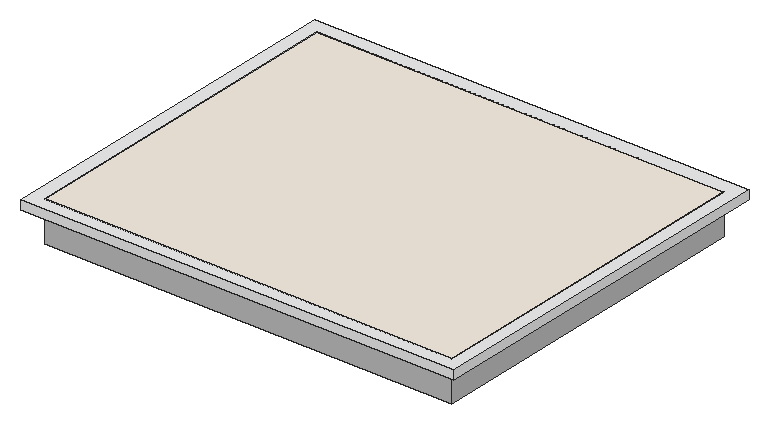
Revit family "Lighting-Industriale-GEWISS-ELIA-HL-LED_RIFLETTORE", category Apparecchi per illuminazione, host Superficie, Revit 2019 (continued)
Types (12, lengths in mm): name | Tensione | Scheda Tecnica | Potenza di sistema | Peso (kg): | Peso (kg) | Ottica | built-in parameter 1150142 | Lumen output (lm) | Modello | IDT | File diagramma fotometrico | Description
  GWF1001ML840 - ELIA HL M2 90° 4000K S.ALONE DALI | "220-240 V " | "https://www.gewiss.com/it/it/search?q=GWF1001ML840" | "120W" | "3,9" | "3,9" | "90°" | "IESNA:LM-63-1995\r\n[TEST] HB25-120-4080-90D-H00108\r\n[DATE] 27 Nov 2019\r\n[MANUFAC] GEWISS\r\n[LUMCAT] GWF1001ML840\r\n[LUMINAIRE] ELIA HL - M2 90° LED840 120W - DALI\r\n[FLASHAREA] 0.013851\r\n[LAMPCAT] LED 120W/16100lm\r\n[LAMP] LED 120W/16100lm\r\nTILT=NONE\r\n1 16100.00 1.0 181 37 1 2 -0.270 0.000 0.000\r\n1.00 1.00 120.00\r\n0.00 0.50 1.00 1.50 2.00 2.50 3.00 3.50 4.00 4.50 5.00 \r\n5.50 6.00 6.50 7.00 7.50 8.00 8.50 9.00 9.50 10.00 10.50 \r\n11.00 11.50 12.00 12.50 13.00 13.50 14.00 14.50 15.00 \r\n15.50 16.00 16.50 17.00 17.50 18.00 18.50 19.00 19.50 \r\n20.00 20.50 21.00 21.50 22.00 22.50 23.00 23.50 24.00 \r\n24.50 25.00 25.50 26.00 26.50 27.00 27.50 28.00 28.50 \r\n29.00 29.50 30.00 30.50 31.00 31.50 32.00 32.50 33.00 \r\n33.50 34.00 34.50 35.00 35.50 36.00 36.50 37.00 37.50 \r\n38.00 38.50 39.00 39.50 40.00 40.50 41.00 41.50 42.00 \r\n42.50 43.00 43.50 44.00 44.50 45.00 45.50 46.00 46.50 \r\n47.00 47.50 48.00 48.50 49.00 49.50 50.00 50.50 51.00 \r\n51.50 52.00 52.50 53.00 53.50 54.00 54.50 55.00 55.50 \r\n56.00 56.50 57.00 57.50 58.00 58.50 59.00 59.50 60.00 \r\n60.50 61.00 61.50 62.00 62.50 63.00 63.50 64.00 64.50 \r\n65.00 65.50 66.00 66.50 67.00 67.50 68.00 68.50 69.00 \r\n69.50 70.00 70.50 71.00 71.50 72.00 72.50 73.00 73.50 \r\n74.00 74.50 75.00 75.50 76.00 76.50 77.00 77.50 78.00 \r\n78.50 79.00 79.50 80.00 80.50 81.00 81.50 82.00 82.50 \r\n83.00 83.50 84.00 84.50 85.00 85.50 86.00 86.50 87.00 \r\n87.50 88.00 88.50 89.00 89.50 90.00 \r\n0.00 2.50 5.00 7.50 10.00 12.50 15.00 17.50 20.00 22.50 \r\n25.00 27.50 30.00 32.50 35.00 37.50 40.00 42.50 45.00 \r\n47.50 50.00 52.50 55.00 57.50 60.00 62.50 65.00 67.50 \r\n70.00 72.50 75.00 77.50 80.00 82.50 85.00 87.50 90.00 \r\n8062.88 8062.88 8064.49 8067.71 8069.32 8072.54 8077.37 \r\n8080.59 8085.42 8091.86 8099.91 8106.35 8114.40 8122.45 \r\n8130.50 8138.55 8146.60 8156.26 8165.92 8175.58 8185.24 \r\n8193.29 8202.95 8211.00 8220.66 8227.10 8235.15 8241.59 \r\n8248.03 8251.25 8256.08 8257.69 8257.69 8257.69 8256.08 \r\n8252.86 8246.42 8238.37 8228.71 8219.05 8206.17 8191.68 \r\n8173.97 8154.65 8132.11 8107.96 8082.20 8054.83 8024.24 \r\n7990.43 7955.01 7916.37 7874.51 7829.43 7781.13 7728.00 \r\n7670.04 7607.25 7538.02 7460.74 7380.24 7291.69 7199.92 \r\n7100.10 6998.67 6895.63 6787.76 6671.84 6544.65 6407.80 \r\n6258.07 6092.24 5919.97 5758.97 5597.97 5435.36 5274.36 \r\n5124.63 4978.12 4834.83 4691.54 4545.03 4400.13 4266.50 \r\n4139.31 4015.34 3894.59 3781.89 3670.80 3556.49 3442.18 \r\n3334.31 3229.66 3129.84 3031.63 2936.64 2844.87 2753.10 \r\n2662.94 2577.61 2495.50 2411.78 2331.28 2254.00 2179.94 \r\n2107.49 2036.65 1967.42 1896.58 1824.13 1751.68 1679.23 \r\n1609.20 1540.13 1473.63 1411.81 1352.24 1292.83 1236.48 \r\n1186.73 1140.85 1096.73 1055.03 1016.72 979.52 941.69 \r\n903.85 866.34 828.99 791.48 754.29 718.06 683.12 650.28 \r\n619.53 591.03 563.82 536.45 510.21 486.54 464.97 445.97 \r\n427.29 405.40 383.34 362.89 343.25 323.93 304.93 286.26 \r\n268.39 251.80 236.51 222.99 210.91 200.61 190.46 177.91 \r\n165.19 153.47 141.94 130.15 118.66 108.06 97.92 87.91 \r\n78.21 68.94 60.10 51.78 43.99 36.87 30.28 24.13 18.52 \r\n13.39 9.08 5.94 3.87 2.84 2.86 \r\n8062.88 8062.88 8064.49 8066.90 8069.32 8072.54 8077.37 \r\n8080.59 8085.42 8091.86 8099.91 8106.35 8114.40 8122.45 \r\n8130.50 8138.55 8147.40 8157.06 8166.72 8175.58 8185.24 \r\n8194.09 8203.75 8211.80 8220.66 8227.90 8235.95 8242.39 \r\n8248.03 8252.86 8256.08 8257.69 8259.30 8258.49 8256.88 \r\n8252.86 8248.03 8240.78 8231.12 8219.85 8206.97 8192.48 \r\n8174.77 8155.45 8133.72 8109.57 8083.81 8056.44 8025.85 \r\n7992.84 7957.42 7917.98 7876.12 7831.04 7781.93 7728.80 \r\n7671.65 7608.05 7539.63 7463.96 7382.65 7295.71 7203.14 \r\n7104.93 7002.69 6899.65 6790.17 6673.45 6547.06 6409.41 \r\n6261.29 6096.26 5926.41 5764.60 5604.41 5440.99 5279.99 \r\n5127.04 4978.92 4834.83 4692.34 4545.83 4403.35 4270.52 \r\n4144.14 4020.17 3900.22 3785.11 3670.80 3556.49 3442.99 \r\n3335.92 3232.08 3130.64 3033.24 2938.25 2846.48 2753.91 \r\n2665.36 2579.22 2495.50 2412.59 2332.89 2255.61 2180.74 \r\n2109.10 2038.26 1967.42 1898.19 1825.74 1752.49 1682.45 \r\n1611.61 1543.10 1476.77 1414.71 1355.30 1296.29 1240.51 \r\n1190.76 1144.71 1100.60 1059.06 1020.50 983.15 945.39 \r\n907.72 870.12 832.61 795.42 758.71 722.25 687.15 654.30 \r\n623.47 594.65 567.04 539.27 512.79 488.72 466.66 447.26 \r\n428.10 406.28 384.23 363.78 344.06 324.74 305.82 287.14 \r\n269.19 252.53 237.23 223.87 211.80 201.33 190.87 178.31 \r\n165.51 153.47 141.73 129.88 118.41 107.81 97.69 87.75 \r\n78.16 68.99 60.23 51.90 44.10 36.94 30.33 24.18 18.56 \r\n13.43 9.10 5.96 3.88 2.85 2.87 \r\n8062.88 8062.88 8064.49 8066.90 8069.32 8072.54 8076.56 \r\n8080.59 8086.22 8091.86 8099.91 8106.35 8114.40 8121.64 \r\n8129.69 8139.35 8147.40 8157.06 8166.72 8176.38 8185.24 \r\n8194.90 8203.75 8212.61 8221.46 8228.71 8236.76 8243.20 \r\n8248.83 8253.66 8256.88 8258.49 8260.10 8259.30 8257.69 \r\n8254.47 8248.83 8242.39 8232.73 8221.46 8209.39 8194.09 \r\n8176.38 8157.06 8135.33 8111.18 8085.42 8058.05 8028.26 \r\n7994.45 7958.23 7919.59 7878.53 7832.65 7784.35 7732.02 \r\n7673.26 7610.47 7542.04 7467.18 7385.87 7299.74 7207.16 \r\n7108.95 7006.72 6902.87 6793.39 6675.06 6548.67 6412.63 \r\n6266.12 6101.90 5932.85 5771.85 5612.46 5447.43 5285.63 \r\n5130.26 4979.73 4834.02 4691.54 4545.83 4404.15 4273.74 \r\n4147.36 4023.39 3903.44 3786.72 3671.61 3556.49 3443.79 \r\n3337.53 3233.69 3132.26 3033.24 2939.06 2847.29 2754.71 \r\n2665.36 2579.22 2495.50 2414.20 2334.50 2256.42 2181.55 \r\n2109.10 2039.07 1969.03 1898.19 1826.55 1754.90 1684.06 \r\n1614.83 1546.00 1479.83 1417.77 1358.36 1299.75 1244.37 \r\n1194.70 1148.49 1104.54 1063.00 1024.20 986.69 949.18 \r\n911.58 873.75 836.15 799.20 762.74 726.35 691.09 658.25 \r\n627.18 598.20 570.26 542.17 515.28 490.89 468.35 448.39 \r\n428.90 407.09 385.27 364.67 344.86 325.54 306.71 287.87 \r\n269.92 253.25 237.96 224.51 212.52 201.81 191.11 178.55 \r\n165.59 153.35 141.39 129.51 118.07 107.49 97.40 87.54 \r\n78.04 68.96 60.29 51.95 44.13 36.96 30.33 24.19 18.59 \r\n13.44 9.11 5.97 3.89 2.85 2.86 \r\n8062.88 8062.88 8064.49 8066.90 8070.12 8073.34 8076.56 \r\n8081.39 8086.22 8092.66 8099.10 8106.35 8114.40 8122.45 \r\n8130.50 8139.35 8147.40 8157.06 8166.72 8176.38 8186.04 \r\n8194.90 8204.56 8212.61 8222.27 8230.32 8237.56 8244.00 \r\n8248.83 8253.66 8257.69 8259.30 8260.91 8260.10 8259.30 \r\n8256.08 8250.44 8242.39 8234.34 8223.88 8211.00 8195.70 \r\n8178.80 8159.48 8137.74 8113.59 8088.64 8060.46 8029.87 \r\n7996.87 7961.45 7922.00 7880.95 7835.06 7785.96 7733.63 \r\n7676.48 7612.88 7544.46 7470.40 7389.90 7304.57 7211.99 \r\n7114.59 7011.55 6906.90 6796.61 6678.28 6551.89 6416.65 \r\n6270.14 6107.53 5940.90 5779.90 5619.70 5453.87 5290.46 \r\n5133.48 4981.34 4834.83 4690.73 4546.64 4405.76 4275.35 \r\n4149.77 4026.61 3905.86 3787.53 3670.80 3555.69 3444.60 \r\n3339.14 3236.10 3133.87 3034.85 2939.86 2848.09 2756.32 \r\n2665.36 2580.03 2496.31 2414.20 2335.31 2258.03 2183.16 \r\n2110.71 2038.26 1968.23 1898.19 1826.55 1755.71 1684.87 \r\n1616.44 1548.66 1482.89 1420.91 1361.26 1303.05 1247.99 \r\n1198.32 1152.12 1108.24 1066.79 1027.74 990.07 952.56 \r\n915.12 877.13 839.45 802.83 766.52 730.22 694.88 662.03 \r\n630.96 601.58 573.24 544.90 517.62 492.74 469.80 449.35 \r\n429.47 407.81 386.16 365.55 345.51 326.19 307.35 288.67 \r\n270.64 253.90 238.60 225.16 213.08 202.14 191.19 178.55 \r\n165.59 153.13 140.97 129.07 117.67 107.11 97.06 87.29 \r\n77.89 68.90 60.28 51.96 44.13 36.94 30.31 24.17 18.57 \r\n13.44 9.12 5.97 3.89 2.84 2.85 \r\n8062.88 8063.68 8064.49 8066.90 8070.12 8073.34 8076.56 \r\n8081.39 8086.22 8092.66 8099.10 8106.35 8114.40 8122.45 \r\n8130.50 8139.35 8147.40 8157.06 8166.72 8176.38 8186.04 \r\n8194.90 8204.56 8214.22 8222.27 8231.12 8237.56 8244.00 \r\n8250.44 8254.47 8257.69 8260.91 8261.71 8260.91 8260.10 \r\n8256.88 8251.25 8244.81 8235.95 8225.49 8212.61 8197.31 \r\n8180.41 8160.28 8139.35 8116.01 8091.05 8062.88 8032.29 \r\n7999.28 7963.86 7925.22 7883.36 7838.28 7789.98 7736.85 \r\n7679.70 7616.10 7548.48 7474.42 7394.73 7309.40 7217.63 \r\n7119.42 7017.18 6911.73 6800.64 6682.30 6555.11 6419.87 \r\n6275.78 6114.78 5948.95 5787.95 5626.95 5461.12 5296.90 \r\n5137.51 4982.95 4834.83 4690.73 4546.64 4406.57 4276.96 \r\n4150.58 4028.22 3907.47 3787.53 3670.00 3556.49 3445.40 \r\n3340.75 3237.71 3135.48 3035.66 2940.67 2848.09 2756.32 \r\n2666.16 2579.22 2495.50 2414.20 2335.31 2258.83 2183.97 \r\n2110.71 2039.07 1969.03 1898.19 1826.55 1755.71 1686.48 \r\n1618.86 1551.15 1485.87 1423.72 1363.99 1305.95 1251.29 \r\n1201.62 1155.42 1111.54 1070.17 1030.88 992.97 955.54 \r\n918.18 880.19 842.43 805.81 769.82 733.52 698.34 665.41 \r\n634.18 604.64 575.98 547.32 519.87 494.51 471.01 450.00 \r\n429.79 408.46 387.12 366.28 346.07 326.75 307.99 289.24 \r\n271.12 254.38 239.09 225.72 213.57 202.38 191.11 178.39 \r\n165.43 152.81 140.50 128.57 117.21 106.69 96.70 87.01 \r\n77.71 68.79 60.24 51.93 44.08 36.89 30.26 24.13 18.54 \r\n13.42 9.11 5.97 3.88 2.84 2.84 \r\n8062.88 8063.68 8064.49 8066.90 8069.32 8072.54 8076.56 \r\n8081.39 8086.22 8092.66 8099.10 8106.35 8114.40 8122.45 \r\n8131.30 8139.35 8148.21 8157.06 8166.72 8176.38 8186.04 \r\n8195.70 8204.56 8214.22 8223.07 8231.12 8239.17 8245.61 \r\n8250.44 8256.08 8259.30 8261.71 8262.52 8262.52 8260.91 \r\n8257.69 8253.66 8246.42 8237.56 8227.10 8214.22 8198.92 \r\n8182.02 8163.50 8141.77 8118.42 8092.66 8065.29 8034.70 \r\n8002.50 7967.08 7928.44 7886.58 7841.50 7793.20 7740.07 \r\n7682.11 7620.13 7551.70 7478.45 7398.75 7314.23 7223.26 \r\n7125.86 7023.62 6917.36 6805.47 6687.13 6560.75 6426.31 \r\n6282.22 6122.02 5957.00 5796.00 5634.19 5468.36 5303.34 \r\n5142.34 4985.36 4835.63 4689.93 4546.64 4408.18 4277.77 \r\n4151.38 4028.22 3907.47 3786.72 3669.19 3555.69 3446.21 \r\n3341.56 3240.13 3137.09 3036.46 2941.47 2848.09 2757.13 \r\n2666.16 2579.22 2495.50 2414.20 2336.11 2259.64 2184.77 \r\n2111.52 2039.07 1968.23 1899.00 1826.55 1755.71 1687.28 \r\n1619.66 1553.41 1488.61 1426.22 1366.33 1308.53 1254.03 \r\n1204.36 1158.07 1114.28 1072.98 1033.54 995.46 957.95 \r\n920.68 882.60 844.85 808.38 772.48 736.33 701.24 668.31 \r\n637.00 607.13 578.23 549.33 521.64 495.88 471.97 450.40 \r\n429.95 408.78 387.69 366.76 346.39 327.07 308.40 289.56 \r\n271.61 254.78 239.49 226.12 213.81 202.30 190.87 178.15 \r\n165.19 152.42 139.97 128.05 116.74 106.27 96.33 86.72 \r\n77.51 68.67 60.16 51.87 44.03 36.83 30.20 24.07 18.50 \r\n13.40 9.10 5.97 3.87 2.83 2.82 \r\n8062.88 8063.68 8064.49 8066.90 8069.32 8072.54 8076.56 \r\n8081.39 8087.03 8092.66 8099.10 8107.15 8114.40 8122.45 \r\n8131.30 8139.35 8148.21 8157.87 8167.53 8176.38 8186.04 \r\n8195.70 8205.36 8215.02 8223.88 8231.93 8239.17 8245.61 \r\n8252.05 8256.88 8260.10 8262.52 8263.32 8263.32 8262.52 \r\n8259.30 8254.47 8248.03 8239.17 8228.71 8215.83 8201.34 \r\n8184.43 8165.11 8144.18 8120.84 8095.08 8067.71 8037.92 \r\n8005.72 7969.50 7931.66 7889.80 7844.72 7796.42 7743.29 \r\n7686.14 7624.15 7556.53 7482.47 7403.58 7319.06 7228.90 \r\n7133.10 7031.67 6924.61 6811.91 6693.57 6566.38 6432.75 \r\n6288.66 6130.88 5967.46 5804.85 5643.05 5476.41 5309.78 \r\n5147.97 4990.19 4837.24 4689.93 4547.44 4409.79 4279.38 \r\n4152.19 4029.02 3907.47 3786.72 3667.58 3555.69 3447.01 \r\n3343.17 3241.74 3138.70 3036.46 2941.47 2848.89 2756.32 \r\n2666.16 2578.42 2494.70 2415.00 2336.92 2260.44 2185.58 \r\n2111.52 2039.07 1968.23 1898.19 1827.35 1756.51 1688.09 \r\n1620.47 1555.18 1490.94 1428.47 1368.26 1310.54 1256.12 \r\n1206.37 1160.01 1116.45 1075.08 1035.47 997.15 959.64 \r\n922.37 884.29 846.46 810.15 774.41 738.43 703.41 670.48 \r\n639.09 608.98 579.84 550.78 522.85 496.69 472.37 450.40 \r\n429.71 408.78 388.09 367.00 346.31 327.15 308.48 289.80 \r\n271.77 255.10 239.65 226.21 213.81 202.14 190.38 177.74 \r\n164.78 151.95 139.43 127.54 116.27 105.84 95.96 86.43 \r\n77.30 68.51 60.07 51.80 43.95 36.77 30.14 24.02 18.45 \r\n13.36 9.09 5.96 3.86 2.81 2.81 \r\n8062.88 8063.68 8064.49 8066.90 8069.32 8072.54 8076.56 \r\n8081.39 8087.03 8093.47 8099.91 8106.35 8114.40 8121.64 \r\n8130.50 8139.35 8148.21 8157.06 8166.72 8176.38 8186.04 \r\n8195.70 8204.56 8214.22 8223.88 8231.93 8239.17 8245.61 \r\n8252.05 8256.88 8260.10 8262.52 8264.13 8264.13 8262.52 \r\n8260.10 8255.27 8248.83 8240.78 8230.32 8218.24 8202.95 \r\n8186.04 8167.53 8146.60 8123.25 8098.30 8070.12 8040.34 \r\n8008.14 7973.52 7934.88 7893.02 7848.75 7799.64 7747.32 \r\n7690.16 7628.18 7561.36 7488.11 7410.02 7326.30 7236.14 \r\n7140.35 7038.92 6932.66 6820.76 6701.62 6576.04 6442.41 \r\n6299.12 6140.54 5976.32 5814.51 5650.29 5483.66 5317.83 \r\n5156.83 4997.44 4843.68 4693.95 4550.66 4412.20 4280.18 \r\n4152.19 4028.22 3905.86 3785.11 3665.97 3554.88 3447.82 \r\n3343.97 3241.74 3138.70 3038.07 2942.28 2849.70 2757.93 \r\n2667.77 2580.83 2496.31 2416.61 2338.53 2262.05 2187.18 \r\n2113.13 2040.68 1969.84 1899.80 1828.16 1756.51 1688.89 \r\n1622.08 1556.47 1492.23 1429.44 1368.82 1310.94 1256.36 \r\n1206.29 1159.60 1115.89 1074.43 1034.59 996.19 958.67 \r\n921.48 883.41 845.65 809.19 773.44 737.54 702.68 669.68 \r\n637.96 607.94 578.88 549.98 522.04 495.80 471.25 449.19 \r\n428.34 407.65 387.12 366.03 345.26 326.11 307.67 289.16 \r\n271.37 254.70 239.25 225.72 213.16 201.41 189.58 176.94 \r\n164.06 151.39 139.02 127.21 115.98 105.56 95.70 86.24 \r\n77.18 68.47 60.04 51.83 44.01 36.84 30.20 24.05 18.45 \r\n13.36 9.09 5.96 3.86 2.81 2.80 \r\n8062.88 8062.88 8064.49 8066.90 8069.32 8072.54 8076.56 \r\n8081.39 8087.03 8092.66 8099.10 8106.35 8113.59 8122.45 \r\n8129.69 8138.55 8148.21 8157.06 8166.72 8175.58 8185.24 \r\n8194.90 8204.56 8214.22 8222.27 8231.12 8238.37 8244.81 \r\n8251.25 8256.88 8260.10 8262.52 8264.13 8264.13 8262.52 \r\n8260.10 8256.08 8249.64 8242.39 8231.93 8219.05 8205.36 \r\n8188.46 8169.14 8148.21 8125.67 8100.71 8073.34 8043.56 \r\n8012.16 7975.94 7938.10 7897.05 7851.97 7803.67 7751.34 \r\n7694.19 7633.01 7566.19 7493.74 7416.46 7332.74 7243.39 \r\n7148.40 7047.77 6942.32 6830.42 6712.09 6586.51 6452.88 \r\n6309.59 6151.00 5986.78 5823.37 5659.15 5492.51 5326.68 \r\n5165.68 5007.10 4850.93 4699.59 4553.88 4414.62 4280.99 \r\n4152.99 4027.41 3905.05 3782.70 3665.17 3553.27 3447.01 \r\n3343.17 3242.54 3139.50 3038.88 2942.28 2849.70 2757.93 \r\n2669.38 2582.44 2498.72 2417.42 2339.33 2263.66 2189.60 \r\n2115.54 2042.29 1970.64 1901.41 1828.96 1757.32 1689.70 \r\n1622.88 1557.27 1493.03 1429.92 1368.82 1310.70 1255.96 \r\n1205.49 1158.40 1114.52 1072.90 1033.06 994.50 956.98 \r\n919.79 881.80 844.04 807.50 771.67 736.01 701.24 667.99 \r\n636.19 606.17 577.19 548.61 520.84 494.35 469.56 447.50 \r\n426.73 406.28 385.92 364.75 343.98 325.06 306.71 288.35 \r\n270.64 254.14 238.76 225.00 212.36 200.44 188.61 175.97 \r\n163.25 150.79 138.64 126.91 115.73 105.31 95.46 86.07 \r\n77.08 68.40 60.02 51.83 44.07 36.92 30.28 24.09 18.45 \r\n13.36 9.09 5.95 3.86 2.81 2.80 \r\n8062.88 8062.88 8064.49 8066.90 8069.32 8072.54 8076.56 \r\n8081.39 8086.22 8092.66 8098.30 8106.35 8113.59 8121.64 \r\n8129.69 8137.74 8147.40 8157.06 8166.72 8175.58 8185.24 \r\n8194.90 8204.56 8213.41 8222.27 8230.32 8238.37 8244.81 \r\n8251.25 8256.08 8260.10 8262.52 8264.13 8264.13 8264.13 \r\n8261.71 8256.88 8251.25 8243.20 8232.73 8221.46 8206.97 \r\n8190.07 8171.55 8150.62 8128.89 8103.93 8076.56 8047.58 \r\n8014.58 7979.96 7942.13 7901.07 7856.80 7808.50 7756.17 \r\n7699.82 7637.84 7571.83 7500.18 7422.90 7339.99 7250.63 \r\n7156.45 7056.63 6951.98 6840.08 6722.55 6597.78 6464.95 \r\n6321.66 6163.88 5998.05 5833.83 5668.81 5502.17 5337.15 \r\n5175.34 5016.76 4858.98 4706.03 4558.71 4417.84 4283.40 \r\n4152.99 4026.61 3902.64 3781.09 3662.75 3552.47 3446.21 \r\n3343.17 3241.74 3140.31 3038.88 2943.08 2849.70 2758.74 \r\n2670.18 2583.24 2500.33 2418.22 2340.14 2264.47 2190.41 \r\n2117.15 2043.90 1972.25 1902.22 1829.77 1758.12 1689.70 \r\n1622.88 1557.51 1493.28 1429.84 1368.42 1309.98 1254.91 \r\n1204.12 1156.62 1112.51 1070.73 1030.80 992.24 954.65 \r\n917.54 879.54 841.87 805.24 769.34 733.92 699.30 665.90 \r\n633.86 603.83 575.09 546.68 519.14 492.58 467.62 445.65 \r\n424.96 404.51 384.39 363.30 342.53 323.69 305.42 287.30 \r\n269.92 253.49 238.04 224.19 211.47 199.40 187.57 175.01 
